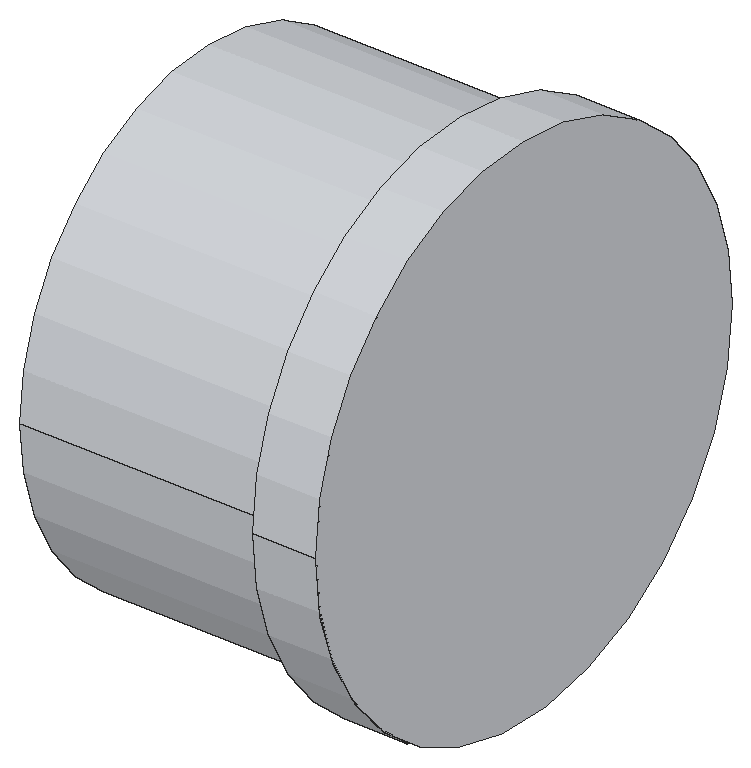
Revit family "M_Adaptador da caixa de junção de conduíte - PVC", category Conexões do conduite, Revit 2019
Family settings
  Cota do conector redondo = Usar raio
  Tipo de parte = Múltiplas portas
  Número OmniClass = 23.80.30.17.11
  Título OmniClass = Conduits
  ID de item do Seek = Conduit Junction Box Adapter - PVC-0000-CAN-ENU
  Com base no plano de trabalho = Não
  Sempre na vertical = Sim
  Corte com vazios quando carregada = Não
  Compartilhado = Não
Parameters (values of type "Padrão")
  Raio 1 [instance] = Raio externo da conexão * 1.1  # 15.088 mm
  Raio nominal [instance] = 8 mm
  Diâmetro nominal [instance] = Raio nominal * 2  # 16 mm
  Comprimento 1 [instance] = Comprimento * 0.2  # 3.653 mm
  Comprimento [instance] = size_lookup(Pesquisa de tamanho de conduite, "Lgt", 0.29 * Diâmetro nominal + 18.058 mm, Diâmetro nominal)  # 18.263 mm
  Raio externo da conexão [instance] = Diâmetro externo da conexão / 2  # 13.716 mm
  Diâmetro externo da conexão [instance] = size_lookup(Pesquisa de tamanho de conduite, "FOD", 1.14 * Diâmetro nominal + 12.7 mm, Diâmetro nominal)  # 27.432 mm
  Pesquisa de tamanho de conduite = "M_Conduit Junction Box Adapter - PVC"
Reference planes
  plane 1 "Centro (Frente/Trás)": y = 0
  plane 2: z = 0
  plane 3 "Centro (Esquerda/Direita)": x = 0
  plane 4: x = 18.263
  plane 5: x = 14.61
Forms (mm)
  Extrusion 1, solid, detail levels fine
    sketch origin (0, 0, 0) x (0, 1, 0) y (0, 0, 1)
      loop
        circle (0, 0) r 13.716
    from 0 to 18.263
  Extrusion 2, solid, detail levels fine
    sketch origin (0, 0, 0) x (0, 1, 0) y (0, 0, 1)
      loop
        circle (0, 0) r 15.088
    from 14.61 to 18.263
Cuts and joins
  joined: Extrusion 1, Extrusion 2
Lines and regions (mm)
  model lines, detail levels coarse+medium
    curve 1: line (0, 0, 0) -> (18.263, 0, 0)
Dimensions and locks
  "Comprimento": plane 3 "Centro (Esquerda/Direita)" to plane 4
  "Comprimento 1": plane 5 to plane 4
  "Raio externo da conexão": radius of Extrusion 1 sketch curve
  "Raio 1": radius of Extrusion 2 sketch curve
  aligned and locked: plane 3 "Centro (Esquerda/Direita)" to curve 1
  aligned and locked: plane 4 to curve 1
  aligned and locked: plane 1 "Centro (Frente/Trás)" to curve 1
  aligned and locked: plane 1 "Centro (Frente/Trás)" to Extrusion 1 sketch curve
  aligned and locked: plane 2 to Extrusion 1 sketch curve
  aligned and locked: Extrusion 1 to plane 3 "Centro (Esquerda/Direita)"
  aligned and locked: plane 4 to Extrusion 1
  aligned and locked: plane 2 to Extrusion 2 sketch curve
  aligned and locked: plane 1 "Centro (Frente/Trás)" to Extrusion 2 sketch curve
  aligned and locked: Extrusion 2 to plane 5
  aligned and locked: plane 4 to Extrusion 2
Connectors
  cabletrayconduit at (0, 0, 0), diameter 16, driven by "Raio nominal"
    settings: on cut or joined group of Extrusion 1, Extrusion 2, index 1, connector width 304.8 mm, connector height 304.8 mm, connector angle 0.00°, system type 32, placement type 0, profile type 0, connector reference index 2, is primary connector yes, connector utility param no, connector description ""
  cabletrayconduit at (18.263, 0, 0), diameter 16, driven by "Raio nominal"
    settings: on cut or joined group of Extrusion 1, Extrusion 2, index 2, connector width 304.8 mm, connector height 304.8 mm, connector angle 0.00°, system type 32, placement type 0, profile type 0, connector reference index 1, is primary connector no, connector utility param no, connector description ""
